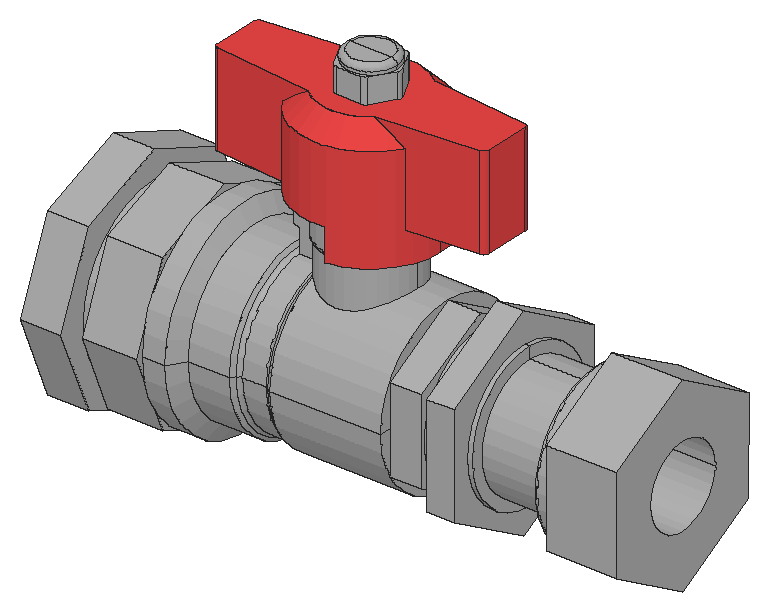
Revit family "QD40370000", category Apparecchi idraulici, Revit 2016
Family settings
  Tipo di parte = Normale
  Quota connettore circolare = Usa diametro
  Numero OmniClass = 23.45.00.00
  Titolo OmniClass = Sanitary, Laundry, and Cleaning Equipment
  Basato su piano di lavoro = No
  Sempre verticale = Sì
  Taglio con vuoti quando caricato = No
  Condiviso = No
  Punto di calcolo locali = No
Parameters
  Produttore = "CIMBERIO SPA"
  Modello = "Cim 283NRBR"
  DN Model [instance] = QD40373139 : QD40373139
  DN [instance] = 15 mm
  Commenti sul tipo = "https://web.cimberio.it/index.php/figura/280?subcategoria_id=43550"
Reference planes
  plane 1 "Centro (Fronte/Retro)": y = 0
  plane 2: z = 0
  plane 3 "Centro (Sinistra/Destra)": x = 0
Dimensions and locks
  aligned and locked: level to plane 2
Nested families
  nested 1: "QD40373139" at (0, 0, 0), type <- "DN Model", type "QD40373139"
  nested 2: "QD40373139" at (0, 0, 0), type <- "DN Model", type "QD40373139"
  nested 3: "QD40373139" at (0, 0, 0), type <- "DN Model", type "QD40373139"
  nested 4: "QD40373139" at (0, 0, 0), type <- "DN Model", type "QD40373139"
Connectors
  piping at (57.3, 0, 0), diameter 15, driven by "DN"
    settings: on nested 1, index 1, connector inside diameter 609.6 mm, connector length 0 mm, flow factor 0, pipe flow 0.0 L/s, pressure drop 0.0 Pa, fitting loss kfactor 0, connector angle 0.00°, fixture units 0, engagement length 0 mm, angle of deflection 0.00°, flow configuration 0, flow direction 0, fitting loss method 0, system type 7, joint type 0, gender type 0, connector reference index -1, connector utility 0, adjustable connector no, is connector primary yes, connector description ""
  piping at (-47.388, 0, 0), diameter 15, driven by "DN"
    settings: on nested 1, index 2, connector inside diameter 609.6 mm, connector length 0 mm, flow factor 0, pipe flow 0.0 L/s, pressure drop 0.0 Pa, fitting loss kfactor 0, connector angle 0.00°, fixture units 0, engagement length 0 mm, angle of deflection 0.00°, flow configuration 0, flow direction 0, fitting loss method 0, system type 7, joint type 0, gender type 0, connector reference index -1, connector utility 0, adjustable connector no, is connector primary no, connector description ""
Definition of nested family "QD40373139"
  Parameters (values of type "QD40373139")
    Model = "QD40403139"
    DN [instance] = "3/4\""
  Reference planes
    plane 1 "Centro (Fronte/Retro)": y = 0
    plane 2: z = 0
    plane 3 "Centro (Sinistra/Destra)": x = 0
  Forms (mm)
    Revolve 1, solid
      sketch origin (0, 0, 0) x (1, 0, 0) y (0, 0, 1)
        loop
          line (0.063, 27.3) -> (0.063, 11.623) -> (8.5, 11.623) -> (8.5, 21)
          arc (8.5, 21) -> (8.863, 21.294) -> (9, 21.742) r 0.8
          line (9, 21.742) -> (9, 27.3) -> (0.063, 27.3)
        axis (0.063, 11.623) -> (0.063, 27.3)
      angle from 0 to 360
    Revolve 2, solid
      sketch origin (0, 0, 0) x (1, 0, 0) y (0, 0, 1)
        loop
          line (0, 30.531) -> (-6.985, 30.531) -> (-6.985, 27.3) -> (0, 27.3) -> (0, 30.531)
        axis (0, 30.531) -> (0, 27.3)
      angle from 0 to 360
    Revolve 3, solid
      sketch origin (0, 0, 0) x (1, 0, 0) y (0, 0, 1)
        loop
          line (0, 45.8) -> (-9.25, 45.8) -> (-12.882, 42.168) -> (-12.882, 22.875) -> (-7.25, 22.875) -> (-7.25, 38.318) -> (0, 38.318) -> (0, 45.8)
        axis (0, 45.8) -> (0, 22.875)
      angle from 0 to 360
    Revolve 4, solid
      sketch origin (0, 0, 0) x (1, 0, 0) y (0, 0, 1)
        loop
          line (0, 51.8) -> (0, 50.016) -> (4.75, 50.016) -> (4.75, 50.8)
          arc (4.75, 50.8) -> (4.457, 51.507) -> (3.75, 51.8) r 1
          line (3.75, 51.8) -> (0, 51.8)
        axis (0, 51.8) -> (0, 50.016)
      angle from 0 to 360
    Extrusion 5, solid
      sketch origin (0, 0, 28.55) x (0.998808, 0.048819, 0) y (-0.048819, 0.998808, 0)
        loop
          line (5.501, 0.127) -> (3.472, 4.287)
          arc (3.472, 4.287) -> (3.145, 4.663) -> (2.674, 4.825) r 0.962
          line (2.674, 4.825) -> (-1.937, 5.147)
          arc (-1.937, 5.147) -> (-2.461, 5.045) -> (-2.864, 4.695) r 1.032
          line (-2.864, 4.695) -> (-5.424, 0.899)
          arc (-5.424, 0.899) -> (-5.599, 0.392) -> (-5.496, -0.136) r 1.038
          line (-5.496, -0.136) -> (-3.479, -4.272)
          arc (-3.479, -4.272) -> (-3.142, -4.659) -> (-2.657, -4.826) r 0.991
          line (-2.657, -4.826) -> (1.958, -5.149)
          arc (1.958, -5.149) -> (2.463, -5.05) -> (2.852, -4.713) r 0.994
          line (2.852, -4.713) -> (5.429, -0.891)
          arc (5.429, -0.891) -> (5.601, -0.392) -> (5.501, 0.127) r 1.021
      from 17.25 to 21.75
    Extrusion 6, void
      sketch origin (0, 0, 28.55) x (1, 0, 0) y (0, 1, 0)
        loop
          line (-8.367, 1.5) -> (-14.411, 1.5)
          arc (-14.411, 1.5) -> (-10.156, -10.334) -> (1.75, -14.383) r 14.489
          line (1.75, -14.383) -> (1.75, -8.318)
          arc (1.75, -8.318) -> (-5.92, -6.1) -> (-8.367, 1.5) r 8.5
      from -6.445 to 0.25
    Extrusion 7, solid
      sketch origin (0, 0, 28.55) x (1, 0, 0) y (0, 1, 0)
        loop
          line (-25, 4.095) -> (-25, -4.095)
          arc (-25, -4.095) -> (-24.741, -4.766) -> (-24.099, -5.09) r 1
          line (-24.099, -5.09) -> (0, -7.495) -> (24.099, -5.09)
          arc (24.099, -5.09) -> (24.741, -4.766) -> (25, -4.095) r 1
          line (25, -4.095) -> (25, 4.095)
          arc (25, 4.095) -> (24.741, 4.766) -> (24.099, 5.09) r 1
          line (24.099, 5.09) -> (0, 7.495) -> (-24.099, 5.09)
          arc (-24.099, 5.09) -> (-24.741, 4.766) -> (-25, 4.095) r 1
      from 0.25 to 17.25
    Revolve 8, solid
      sketch origin (0, 0, 0) x (1, 0, 0) y (0, 0, 1)
        loop
          line (41.881, 11.1) -> (29.1, 11.1) -> (29.1, 7.5) -> (41.881, 7.5) -> (41.881, 11.1)
        axis (29.1, 0) -> (41.881, 0)
      angle from 0 to 360
    Revolve 9, solid
      sketch origin (14.1, 0, 0) x (1, 0, 0) y (0, 0, 1)
        loop
          arc (28.2, 14.75) -> (27.846, 14.604) -> (27.7, 14.25) r 0.5
          line (27.7, 14.25) -> (27.7, 7.5) -> (30.262, 7.5) -> (30.262, 14.75) -> (28.2, 14.75)
        axis (27.7, 0) -> (30.262, 0)
      angle from 0 to 360
    Extrusion 10, solid
      sketch origin (10, 0, 0) x (0, 1, 0) y (0, 0, 1)
        loop
          circle (0, 0) r 7.5
        loop
          line (0, 17.4) -> (-15.069, 8.7) -> (-15.069, -8.7) -> (0, -17.4) -> (15.069, -8.7) -> (15.069, 8.7) -> (0, 17.4)
      from 34.3 to 47.3
    Extrusion 11, solid
      sketch origin (0, 0, 0) x (1, 0, 0) y (0, 0, 1)
        loop
          line (-13, 26.395) -> (-13, 19.375) -> (-12, 18.798) -> (-12, 10.345) -> (-7.86, 10.345) -> (-7.86, 26.395) -> (-13, 26.395)
      from -1.5 to 1.5
    Revolve 12, solid
      sketch origin (0, 0, 0) x (1, 0, 0) y (0, 1, 0)
        loop
          line (-27, 7.5) -> (14.1, 7.5) -> (14.1, 15.5) -> (-6.215, 15.5) -> (-6.893, 15.108)
          arc (-6.893, 15.108) -> (-7.229, 14.844) -> (-7.646, 14.75) r 0.971
          line (-7.646, 14.75) -> (-11.943, 14.75)
          arc (-11.943, 14.75) -> (-12.437, 14.887) -> (-12.799, 15.25) r 1
          line (-12.799, 15.25) -> (-13.232, 16) -> (-21, 16) -> (-22.732, 19) -> (-27, 19) -> (-27, 7.5)
        axis (-27, 0) -> (14.1, 0)
      angle from 0 to 360
    Extrusion 13, solid
      sketch origin (0, 0, 0) x (0, 1, 0) y (0, 0, 1)
        loop
          circle (0, 0) r 7.5
        loop
          line (0, 15.5) -> (-13.423, 7.75) -> (-13.423, -7.75) -> (0, -15.5) -> (13.423, -7.75) -> (13.423, 7.75) -> (0, 15.5)
      from 14.1 to 20.1
    Extrusion 14, solid
      sketch origin (-11, 0, 0) x (0, 0, 1) y (0, 1, 0)
        loop
          circle (0, 0) r 7.5
        loop
          line (20.15, 0) -> (14.248, 14.248) -> (0, 20.15) -> (-14.248, 14.248) -> (-20.15, 0) -> (-14.248, -14.248) -> (0, -20.15) -> (14.248, -14.248) -> (20.15, 0)
      from 16 to 26
    Revolve 15, solid
      sketch origin (0, 0, 0) x (1, 0, 0) y (0, 0, 1)
        loop
          line (-39.888, 16.5) -> (-39.888, 7.5) -> (-37, 7.5) -> (-37, 16.5) -> (-39.888, 16.5)
        axis (-39.888, 0) -> (-37, 0)
      angle from 0 to 360
    Extrusion 16, solid
      sketch origin (-11, 0, 0) x (0, 0, 1) y (0, 1, 0)
        loop
          circle (0, 0) r 7.5
        loop
          line (21.45, 0) -> (15.167, 15.167) -> (0, 21.45) -> (-15.167, 15.167) -> (-21.45, 0) -> (-15.167, -15.167) -> (0, -21.45) -> (15.167, -15.167) -> (21.45, 0)
      from 28.888 to 36.388
    Revolve 17, solid
      sketch origin (0, 0, 0) x (1, 0, 0) y (0, 0, 1)
        loop
          line (20.1, 13.125) -> (20.1, 7.5) -> (29.143, 7.5) -> (29.143, 13.125) -> (20.1, 13.125)
        axis (20.1, 0) -> (29.143, 0)
      angle from 0 to 360
    Extrusion 18, solid
      sketch origin (0, 0, 0) x (0, 1, 0) y (0, 0, 1)
        loop
          circle (0, 0) r 7.5
        loop
          line (0, 18.5) -> (-16.021, 9.25) -> (-16.021, -9.25) -> (0, -18.5) -> (16.021, -9.25) -> (16.021, 9.25) -> (0, 18.5)
      from 23.1 to 28.1
  Cuts and joins
    Extrusion 6 cuts Revolve 3
    joined: Revolve 3, Extrusion 7
  Dimensions and locks
    aligned and locked: level to plane 2
